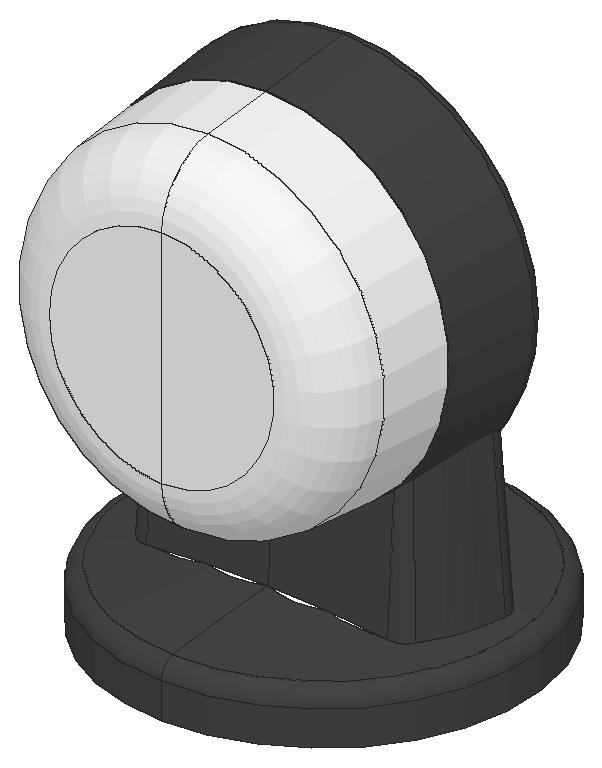
Revit family "AFX-Benton-Outdoor_Sconce", category Lighting Fixtures, host Face, Revit 2021
Family settings
  Host = Face
  Round Connector Dimension = Use Diameter
  Part Type = Normal
  Cut with Voids When Loaded = No
  Light Source = Yes
  Shared = No
  Room Calculation Point = No
Parameters (values of type "BNTW0505LAJENBK")
  Width = 5"
  Wattage Comments = "9"
  Wattage = 9.2903 W
  built-in parameter 1150110 = 1 (stored number, unit not read)
  Voltage = 120 V
  URL = "https://www.afxinc.com/"
  Type Comments = "Benton"  # constant formula
  built-in parameter 1114217 = 1 (stored number, unit not read)
  Tilt Angle = 90.00°
  built-in parameter 1150109 = 1 (stored number, unit not read)
  built-in parameter 1150134 = 3
  built-in parameter 1150113 = 1 (stored number, unit not read)
  Hausing Finish = AFX - Black Steel
  Revit File Built By = "https://servex-us.com/servex-revit/"
  Product Documentation Link = "https://www.afxinc.com/products/productDetail.cfm?productID=2703"
  Power Factor = 1
  Photometric Web File = "SWB100 9W 3000K_IESNA2002.IES"
  Model = "BNTW0505LAJENBK"
  Manufacturer = "AFX Inc"  # constant formula
  built-in parameter 1150105 = 109.82 (stored number, unit not read)
  Lumens = 1380 lm
  built-in parameter 1150115 = 1 (stored number, unit not read)
  built-in parameter 1150137 = (empty or 0)
  built-in parameter 1150139 = (empty or 0)
  built-in parameter 1150112 = 1 (stored number, unit not read)
  built-in parameter 1150114 = 1 (stored number, unit not read)
  Lamp = ""
  Keynote = "12500"  # constant formula
  built-in parameter 1150132 = (empty or 0)
  built-in parameter 1150102 = (empty or 0)
  built-in parameter 1150107 = 3200 (stored number, unit not read)
  built-in parameter 1150138 = (empty or 0)
  built-in parameter 1150106 = 1.0982 (stored number, unit not read)
  Height = 5"
  Emit from Circle Diameter = 3"
  Emit Shape Visible in Rendering = no
  built-in parameter 1150104 = 13.8 (stored number, unit not read)
  Dimming Lamp Color Temperature Shift = <None>
  Diffuser Finish = AFX - White Acrylic
  Description = "Modern LED Linear Ceiling Mount Frameless Design White Polycarbonate Diffuser - 5\"W x 6 1/4\"D x 5\"H"
  Depth = 6 1/4"
  Default Elevation = 48"
  Colour Rendering Index = "80"
  Color Filter = 16777215
  built-in parameter 1114218 = 1 (stored number, unit not read)
  built-in parameter 1150133 = 10 (stored number, unit not read)
  Assembly Code = "D5020200"
  Apparent Load = 0 VA
Reference planes (in)
  plane 1 "Center (Front/Back)": y = 0
  plane 2: z = 0
  plane 3 "Center (Left/Right)": x = 0
  plane 4: x = -2.5
  plane 5: x = 2.5
  plane 6: y = 2.5
  plane 7: y = -2.5
  plane 8: z = 6.25
Forms (in)
  Revolve 1, solid, material "AFX - Black Steel" <- "Hausing Finish"
    sketch origin (0, 0, 0) x (0, -1, 0) y (0, 0, 1)
      loop
        line (0, 0) -> (0, 0.81237)
        arc (0, 0.81237) -> (-1.14141, 0.74066) -> (-2.27984, 0.63127) r 34.60706
        arc (-2.27984, 0.63127) -> (-2.40885, 0.56461) -> (-2.46063, 0.42894) r 0.20362
        line (-2.46063, 0.42894) -> (-2.46063, 0) -> (0, 0)
      axis (0, 0) -> (0, 0.81237)
    angle from 0 to 360
  Revolve 2, solid, material "AFX - Black Steel" <- "Hausing Finish"
    sketch origin (0, 0, 0) x (0, -1, 0) y (0, 0, 1)
      loop
        line (0.86614, 6.14681) -> (-0.30828, 6.24956)
        arc (-0.30828, 6.24956) -> (-0.38047, 6.23208) -> (-0.42737, 6.17449) r 0.11636
        arc (-0.42737, 6.17449) -> (-0.69627, 5.274) -> (-0.83959, 4.34522) r 6.86112
        line (-0.83959, 4.34522) -> (-0.86942, 4.32107) -> (-0.86942, 3.93701) -> (0.86614, 3.93701) -> (0.86614, 6.14681)
      axis (0.86614, 3.93701) -> (-0.86942, 3.93701)
    angle from 0 to 360
  Revolve 3, solid, material "AFX - White Acrylic" <- "Diffuser Finish"
    sketch origin (0, 0, 0) x (0, -1, 0) y (0, 0, 1)
      loop
        line (0.87598, 6.10648) -> (0.90698, 6.10648) -> (0.90698, 6.06785) -> (0.86614, 6.06785) -> (0.86614, 3.93701) -> (2.45079, 3.93701) -> (2.45079, 5.30069)
        arc (2.45079, 5.30069) -> (2.24734, 5.8234) -> (1.74407, 6.07104) r 0.77321
        line (1.74407, 6.07104) -> (0.87598, 6.14596) -> (0.87598, 6.10648)
      axis (0.86614, 3.93701) -> (2.45079, 3.93701)
    angle from 0 to 360
  Blend 4, solid, material "AFX - Black Steel" <- "Hausing Finish"
    base sketch origin (0, 0, 0) x (-1, 0, 0) y (0, -1, 0)
      loop
        arc (-1.46547, 0.86208) -> (-1.59546, 0.82951) -> (-1.69473, 0.73948) r 0.27566
        arc (-1.69473, 0.73948) -> (-1.92577, 0.27405) -> (-2.03158, -0.23467) r 2.03765
        arc (-2.03158, -0.23467) -> (-1.99019, -0.39285) -> (-1.85988, -0.49162) r 0.25
        arc (-1.85988, -0.49162) -> (0, -0.78741) -> (1.85988, -0.49162) r 5.99533
        arc (1.85988, -0.49162) -> (1.99019, -0.39285) -> (2.03158, -0.23467) r 0.25
        arc (2.03158, -0.23467) -> (1.92577, 0.27405) -> (1.69473, 0.73948) r 2.03765
        arc (1.69473, 0.73948) -> (1.59546, 0.82951) -> (1.46547, 0.86208) r 0.27566
        line (1.46547, 0.86208) -> (0, 0.86208) -> (-1.46547, 0.86208)
    top sketch origin (0, 0, 0) x (-1, 0, 0) y (0, -1, 0)
      loop
        line (0, 0.73509) -> (-1.45964, 0.73509)
        arc (-1.45964, 0.73509) -> (-1.54604, 0.71314) -> (-1.6115, 0.65262) r 0.18106
        arc (-1.6115, 0.65262) -> (-1.80655, 0.26055) -> (-1.90776, -0.16551) r 1.92143
        arc (-1.90776, -0.16551) -> (-1.87174, -0.30237) -> (-1.75189, -0.37763) r 0.19253
        arc (-1.75189, -0.37763) -> (0, -0.53958) -> (1.75189, -0.37763) r 9.55659
        arc (1.75189, -0.37763) -> (1.87174, -0.30237) -> (1.90776, -0.16551) r 0.19253
        arc (1.90776, -0.16551) -> (1.80655, 0.26055) -> (1.6115, 0.65262) r 1.92143
        arc (1.6115, 0.65262) -> (1.54604, 0.71314) -> (1.45964, 0.73509) r 0.18106
        line (1.45964, 0.73509) -> (0, 0.73509)
    from 0.57868 to 2.83352
  Revolve 5, solid, material "AFX - Black Steel" <- "Hausing Finish"
    sketch origin (0, 0, 0) x (0, -1, 0) y (0, 0, 1)
      loop
        line (-0.94816, 4.17222) -> (-0.94816, 4.11417) -> (-0.98993, 4.11417)
        arc (-0.98993, 4.11417) -> (-1.01625, 4.10327) -> (-1.02715, 4.07696) r 0.03722
        line (-1.02715, 4.07696) -> (-1.02715, 3.93701) -> (-0.94816, 3.93701) -> (-0.86942, 3.93701) -> (-0.86942, 4.17222) -> (-0.94816, 4.17222)
      axis (-0.86942, 3.93701) -> (-1.02715, 3.93701)
    angle from 0 to 360
Cuts and joins
  joined: Revolve 1, Revolve 2, Blend 4, Revolve 5
Lines and regions (in)
  symbolic lines
    curve 1: line (1.85552, 0, 0.67012) -> (0, 0, 0.76839)
    curve 2: line (0, 0, 0.76839) -> (-1.8555, 0, 0.67012)
    curve 3: spline (-1.63311, 0, 2.40837) -> (-1.50036, 0, 2.38005) -> (-1.36665, 0, 2.3543) -> (-1.23207, 0, 2.33111) -> (-1.09672, 0, 2.31051) -> (-0.96067, 0, 2.29252) -> (-0.82401, 0, 2.27713) -> (-0.68684, 0, 2.26437) -> (-0.54924, 0, 2.25425) -> (-0.4113, 0, 2.24676) -> (-0.27311, 0, 2.24191) -> (-0.13476, 0, 2.23971) -> (0.00367, 0, 2.24016)
    curve 4: spline (0.00367, 0, 2.24016) -> (0.14141, 0, 2.24028) -> (0.27909, 0, 2.24294) -> (0.4166, 0, 2.24815) -> (0.55385, 0, 2.25588) -> (0.69077, 0, 2.26615) -> (0.82726, 0, 2.27894) -> (0.96323, 0, 2.29424) -> (1.0986, 0, 2.31205) -> (1.23329, 0, 2.33236) -> (1.36719, 0, 2.35514) -> (1.50024, 0, 2.38039) -> (1.63234, 0, 2.4081)
    curve 5: spline (1.76895, 0, 2.49156) -> (1.78145, 0, 2.49927) -> (1.79356, 0, 2.50729) -> (1.80523, 0, 2.51559) -> (1.81644, 0, 2.52415) -> (1.82717, 0, 2.53295) -> (1.83739, 0, 2.54197) -> (1.84707, 0, 2.55119) -> (1.85619, 0, 2.56058) -> (1.86474, 0, 2.57013) -> (1.87268, 0, 2.57981) -> (1.88, 0, 2.5896) -> (1.88669, 0, 2.59947)
    curve 6: spline (-1.76801, 0, 2.49069) -> (-1.75819, 0, 2.48186) -> (-1.74808, 0, 2.47337) -> (-1.73768, 0, 2.46521) -> (-1.727, 0, 2.4574) -> (-1.71606, 0, 2.44995) -> (-1.70487, 0, 2.44286) -> (-1.69344, 0, 2.43615) -> (-1.68177, 0, 2.42981) -> (-1.6699, 0, 2.42385) -> (-1.65782, 0, 2.41829) -> (-1.64555, 0, 2.41313) -> (-1.63311, 0, 2.40837)
    curve 7: spline (-1.88638, 0, 2.5994) -> (-1.87852, 0, 2.59146) -> (-1.87023, 0, 2.58324) -> (-1.86152, 0, 2.57476) -> (-1.85241, 0, 2.56606) -> (-1.84293, 0, 2.55715) -> (-1.83309, 0, 2.54804) -> (-1.82292, 0, 2.53877) -> (-1.81245, 0, 2.52935) -> (-1.80169, 0, 2.51982) -> (-1.79069, 0, 2.51018) -> (-1.77945, 0, 2.50046) -> (-1.76801, 0, 2.49069)
    curve 8: arc (0, 0, 3.52879) -> (0.40821, 0, 3.93701) -> (0, 0, 4.34522) r 0.40821
    curve 9: arc (0, 0, 3.55295) -> (0.38406, 0, 3.93701) -> (0, 0, 4.32107) r 0.38406
    curve 10: arc (0, 0, 4.34522) -> (-0.40821, 0, 3.93701) -> (0, 0, 3.52879) r 0.40821
    curve 11: arc (0, 0, 4.32107) -> (-0.38406, 0, 3.93701) -> (0, 0, 3.55295) r 0.38406
    curve 12: arc (0, 0, 3.7018) -> (-0.23521, 0, 3.93701) -> (0, 0, 4.17222) r 0.23521
    curve 13: arc (0, 0, 3.75984) -> (-0.17717, 0, 3.93701) -> (0, 0, 4.11417) r 0.17717
    curve 14: arc (0, 0, 4.17222) -> (0.23521, 0, 3.93701) -> (0, 0, 3.7018) r 0.23521
    curve 15: arc (0, 0, 4.11417) -> (0.17717, 0, 3.93701) -> (0, 0, 3.75984) r 0.17717
    curve 16: spline (1.63234, 0, 2.4081) -> (1.64482, 0, 2.41282) -> (1.65715, 0, 2.41797) -> (1.6693, 0, 2.42355) -> (1.68128, 0, 2.42954) -> (1.69306, 0, 2.43594) -> (1.70463, 0, 2.44275) -> (1.71598, 0, 2.44994) -> (1.72709, 0, 2.45753) -> (1.73796, 0, 2.46549) -> (1.74856, 0, 2.47382) -> (1.7589, 0, 2.48252) -> (1.76895, 0, 2.49156)
    curve 17: line (1.91941, 0, 2.64683) -> (2.02807, 0, 0.65855)
    curve 18: spline (2.02729, 0, 0.65742) -> (2.02791, 0, 0.65696) -> (2.02544, 0, 0.65681) -> (2.01991, 0, 0.65695) -> (2.01138, 0, 0.65738) -> (1.99997, 0, 0.65811) -> (1.98583, 0, 0.65911) -> (1.96912, 0, 0.66039) -> (1.95006, 0, 0.66192) -> (1.92889, 0, 0.66368) -> (1.90588, 0, 0.66565) -> (1.88132, 0, 0.6678) -> (1.85552, 0, 0.67012)
    curve 19: line (2.46158, 0, 0) -> (2.46158, 0, 0.43016)
    curve 20: arc (2.28309, 0, 0.63046) -> (2.15562, 0, 0.64484) -> (2.02807, 0, 0.65855) r 24.2031
    curve 21: arc (2.46158, 0, 0.43016) -> (2.41048, 0, 0.56431) -> (2.28309, 0, 0.63046) r 0.20163
    curve 22: line (-2.46158, 0, 0) -> (-2.46158, 0, 0.43016)
    curve 23: arc (-2.28309, 0, 0.63046) -> (-2.14559, 0, 0.64594) -> (-2.008, 0, 0.66064) r 24.2031
    curve 24: arc (-2.46158, 0, 0.43016) -> (-2.41048, 0, 0.56431) -> (-2.28309, 0, 0.63046) r 0.20163
    curve 25: spline (-2.008, 0, 0.66064) -> (-2.00027, 0, 0.66155) -> (-1.99154, 0, 0.66246) -> (-1.9818, 0, 0.66337) -> (-1.97107, 0, 0.66428) -> (-1.95934, 0, 0.66519) -> (-1.94663, 0, 0.66609) -> (-1.93294, 0, 0.667) -> (-1.91828, 0, 0.6679) -> (-1.90266, 0, 0.66879) -> (-1.88607, 0, 0.66968) -> (-1.86854, 0, 0.67057) -> (-1.85007, 0, 0.67146)
    curve 26: line (-1.91941, 0, 2.64683) -> (-2.02807, 0, 0.65855)
    curve 27: arc (1.91941, 0, 2.64683) -> (2.05731, 0, 5.03311) -> (0, 0, 6.25) r 2.29705
    curve 28: arc (-1.91941, 0, 2.64683) -> (-2.05731, 0, 5.03311) -> (0, 0, 6.25) r 2.29705
Dimensions and locks (in)
  equal spacing: plane 4, plane 3 "Center (Left/Right)", plane 5
  "Width": plane 4 to plane 5
  "Depth": plane 2 to plane 8
  "Height": plane 7 to plane 6
  equal spacing: plane 7, plane 1 "Center (Front/Back)", plane 6
  aligned and locked: plane 2 to host face
  aligned and locked: level to host face
  aligned and locked: imposter light to plane 7
Automatic sketch dimensions
  host sketch curve to host sketch curve = 96"  (x2)
  Revolve 1 sketch curve to level = 0"
  Revolve 1 sketch curve to plane 1 "Center (Front/Back)" = 0"  (x2)
  Revolve 1 sketch curve to plane 6 = 0.24299"
  Revolve 1 sketch curve to plane 6 = 0.03937"
  Revolve 1 sketch curve to plane 7 = 0.90096"
  Revolve 1 sketch curve to level = 33.75773"
  level to Revolve 1 sketch curve = 0.42894"
  level to Revolve 1 sketch curve = 0.81237"
  Revolve 1 sketch curve to Revolve 1 sketch curve = 1/2"
  Revolve 1 sketch curve to Revolve 1 sketch curve = 0.38891"
  Revolve 2 sketch curve to plane 1 "Center (Front/Back)" = 0.86942"
  Revolve 2 sketch curve to Revolve 2 sketch curve = 0.02982"
  plane 8 to Revolve 2 sketch curve = 0.11636"
  Revolve 2 sketch curve to plane 1 "Center (Front/Back)" = 0.31842"
  plane 8 to Revolve 2 sketch curve = 0.00044"
  Revolve 2 sketch curve to Revolve 2 sketch curve = 0.01014"
  plane 1 "Center (Front/Back)" to Revolve 2 sketch curve = 0.86614"
  plane 7 to Revolve 2 sketch curve = 3.49701"
  Revolve 2 sketch curve to Revolve 2 sketch curve = 1.78841"
  Revolve 2 sketch curve to Revolve 2 sketch curve = 0.02415"
  Revolve 2 sketch curve to Revolve 2 sketch curve = 0.40821"
  plane 8 to Revolve 2 sketch curve = 2.48431"
  plane 8 to Revolve 2 sketch curve = 0.10319"
  Revolve 2 sketch curve to plane 6 = 0.67023"
  plane 7 to Revolve 2 sketch curve = 0.49152"
  Revolve 2 sketch curve to Revolve 2 sketch curve = 0"
  plane 8 to Revolve 3 sketch curve = 0.18215"
  plane 1 "Center (Front/Back)" to Revolve 3 sketch curve = 0.86614"
  plane 8 to Revolve 3 sketch curve = 0.10404"
  Revolve 3 sketch curve to Revolve 3 sketch curve = 0.00984"
  Revolve 3 sketch curve to Revolve 3 sketch curve = 0.03099"
  Revolve 3 sketch curve to plane 7 = 0.82242"
  plane 8 to Revolve 3 sketch curve = 0.17896"
  Revolve 3 sketch curve to plane 7 = 0.75593"
  Revolve 3 sketch curve to plane 7 = 0.04921"
  Revolve 3 sketch curve to Revolve 3 sketch curve = 1.36368"
  Revolve 3 sketch curve to Revolve 3 sketch curve = 0.03863"
  Revolve 3 sketch curve to plane 1 "Center (Front/Back)" = 0.35761"
  plane 7 to Revolve 3 sketch curve = 0.68137"
  Revolve 3 sketch curve to Revolve 3 sketch curve = 0"
  Blend 4 sketch curve to plane 3 "Center (Left/Right)" = 0"  (x5)
  plane 3 "Center (Left/Right)" to Blend 4 sketch curve = 0"
  Blend 4 sketch curve to plane 5 = 1.03453"
  Blend 4 sketch curve to plane 1 "Center (Front/Back)" = 0.25396"  (x2)
  Blend 4 sketch curve to plane 5 = 0.71767"
  Blend 4 sketch curve to plane 4 = 1.03453"
  Blend 4 sketch curve to plane 4 = 0.71767"
  Blend 4 sketch curve to plane 1 "Center (Front/Back)" = 0.39185"
  Blend 4 sketch curve to Blend 4 sketch curve = 0"  (x10)
  plane 1 "Center (Front/Back)" to Blend 4 sketch curve = 0.58643"  (x2)
  plane 1 "Center (Front/Back)" to Blend 4 sketch curve = 0.86208"
  plane 7 to Blend 4 sketch curve = 2.70793"
  Blend 4 sketch curve to Blend 4 sketch curve = 0.07756"
  plane 3 "Center (Left/Right)" to Blend 4 sketch curve = 0.00007"
  plane 1 "Center (Front/Back)" to Blend 4 sketch curve = 0.55403"  (x2)
  Blend 4 sketch curve to plane 5 = 1.04036"
  Blend 4 sketch curve to plane 1 "Center (Front/Back)" = 0.18837"  (x2)
  Blend 4 sketch curve to plane 5 = 0.78341"
  Blend 4 sketch curve to plane 3 "Center (Left/Right)" = 0.00007"
  Blend 4 sketch curve to plane 4 = 1.04036"
  Blend 4 sketch curve to plane 4 = 0.78341"
  Blend 4 sketch curve to plane 1 "Center (Front/Back)" = 0.39366"
  Blend 4 sketch curve to Blend 4 sketch curve = 0.18106"
  plane 7 to Blend 4 sketch curve = 6.51701"
  Blend 4 sketch curve to Blend 4 sketch curve = 0.03529"
  Revolve 5 sketch curve to plane 1 "Center (Front/Back)" = 1.02715"
  Revolve 5 sketch curve to Revolve 5 sketch curve = 0.03722"
  Revolve 5 sketch curve to Revolve 5 sketch curve = 0.07899"
  Revolve 5 sketch curve to Revolve 5 sketch curve = 0.04178"
  Revolve 5 sketch curve to Revolve 5 sketch curve = 0.07874"
  plane 8 to Revolve 5 sketch curve = 2.31299"
  Revolve 5 sketch curve to Revolve 5 sketch curve = 0.13995"
  Revolve 5 sketch curve to Revolve 5 sketch curve = 0.05805"
  Revolve 5 sketch curve to Revolve 5 sketch curve = 0.1545"
  Revolve 5 sketch curve to plane 1 "Center (Front/Back)" = 0.35761"
  Revolve 5 sketch curve to Revolve 5 sketch curve = 0"
  curve 8 to curve 9 = 0"  (x2)
  curve 8 to curve 10 = 0"  (x2)
  curve 8 to curve 11 = 0"  (x2)
  curve 8 to curve 12 = 0"  (x2)
  curve 8 to curve 13 = 0"  (x2)
  curve 8 to curve 14 = 0"  (x2)
  curve 8 to curve 15 = 0"  (x2)
  curve 9 to curve 10 = 0"  (x2)
  curve 9 to curve 11 = 0"  (x2)
  curve 9 to curve 12 = 0"  (x2)
  curve 9 to curve 13 = 0"  (x2)
  curve 9 to curve 14 = 0"  (x2)
  curve 9 to curve 15 = 0"  (x2)
  curve 10 to curve 11 = 0"  (x2)
  curve 10 to curve 12 = 0"  (x2)
  curve 10 to curve 13 = 0"  (x2)
  curve 10 to curve 14 = 0"  (x2)
  curve 10 to curve 15 = 0"  (x2)
  curve 11 to curve 12 = 0"  (x2)
  curve 11 to curve 13 = 0"  (x2)
  curve 11 to curve 14 = 0"  (x2)
  curve 11 to curve 15 = 0"  (x2)
  curve 12 to curve 13 = 0"  (x2)
  curve 12 to curve 14 = 0"  (x2)
  curve 12 to curve 15 = 0"  (x2)
  curve 13 to curve 14 = 0"  (x2)
  curve 13 to curve 15 = 0"  (x2)
  curve 14 to curve 15 = 0"  (x2)
  curve 22 to level = 0"
  curve 9 to plane 3 "Center (Left/Right)" = 0"
  curve 28 to plane 3 "Center (Left/Right)" = 0"
  curve 2 to plane 3 "Center (Left/Right)" = 0"
  curve 19 to level = 0"
  curve 28 to plane 8 = 0"
  curve 28 to plane 3 "Center (Left/Right)" = 0.02996"
  curve 20 to plane 3 "Center (Left/Right)" = 0.49431"
  curve 26 to plane 4 = 0.58059"
  curve 24 to plane 4 = 0.24005"
  curve 22 to plane 4 = 0.03842"
  plane 3 "Center (Left/Right)" to curve 27 = 0.02996"
  plane 3 "Center (Left/Right)" to curve 23 = 0.49431"
  curve 1 to plane 5 = 0.64448"
  curve 17 to plane 5 = 0.58059"
  curve 1 to curve 17 = 0.17256"
  curve 21 to plane 5 = 0.24005"
  curve 19 to plane 5 = 0.03842"
  curve 23 to level = 23.41275"
  curve 20 to curve 23 = 0"
  level to curve 21 = 0.43016"
  curve 22 to curve 22 = 0.43016"
  curve 21 to curve 17 = 0.02809"
  curve 17 to curve 1 = 0.01157"
  level to curve 2 = 0.76839"
  curve 1 to curve 17 = 1.97672"
  curve 24 to curve 26 = 2.01638"
  curve 14 to curve 27 = 0.01614"
  curve 25 to plane 3 "Center (Left/Right)" = 0.00016"
  curve 3 to plane 3 "Center (Left/Right)" = 0.02433"
  curve 26 to curve 6 = 0.43578"
  curve 28 to curve 6 = 0.2863"
  curve 7 to curve 3 = 0.06175"
  curve 6 to curve 7 = 0.07315"
  curve 24 to curve 25 = 0.43302"
  curve 28 to curve 6 = 0.06646"
  curve 2 to curve 25 = 0.00543"
  curve 7 to curve 6 = 0.03343"
  curve 7 to curve 26 = 0.0215"
  curve 25 to curve 2 = 0.1525"
  curve 26 to curve 23 = 0.02007"
  curve 25 to curve 26 = 0.00561"
  curve 23 to curve 24 = 0"
  plane 8 to curve 3 = 0.0281"
  plane 4 to curve 3 = 2.96712"
  plane 3 "Center (Left/Right)" to curve 3 = 0.00367"
  plane 3 "Center (Left/Right)" to curve 4 = 0.02359"
  curve 16 to curve 17 = 0.48035"
  curve 16 to curve 16 = 0.06763"
  curve 16 to curve 5 = 0.10571"
  curve 16 to curve 4 = 0.19327"
  curve 16 to curve 5 = 0.13661"
  curve 18 to curve 1 = 0.07251"
  curve 5 to curve 17 = 0.03271"
  curve 5 to curve 27 = 0.00938"
  curve 18 to curve 17 = 0.00079"
  curve 18 to curve 18 = 0.00076"
  plane 8 to curve 4 = 0.11341"
  plane 5 to curve 4 = 2.96386"
  curve 25 to curve 26 = 0.00433"
  curve 18 to curve 20 = 0.00148"
  curve 2 to curve 25 = 0.00134"
  curve 1 to curve 3 = 1.47177"
  curve 16 to curve 4 = 0.01753"
  curve 3 to curve 7 = 0.0694"
  curve 7 to curve 7 = 0.01292"
  curve 5 to curve 17 = 0.04736"
  curve 10 to curve 8 = 0.40821"
  curve 10 to curve 9 = 0.02415"
  curve 11 to curve 14 = 0.14885"
  curve 12 to curve 13 = 0.05805"
Connectors (in)
  electrical at (0, 0, 0), driven by "Voltage", driven by "Apparent Load", driven by "Power Factor"
    settings: on cut or joined group of Revolve 1, Revolve 2, Blend 4, Revolve 5, index 1, voltage 120 V, apparent load 0 VA, apparent load phase1 0 VA, apparent load phase2 0 VA, apparent load phase3 0 VA, power factor 1, load classification "Lighting", number of poles 1, system type 31, power factor state 1, is connector primary yes, connector utility no, sub classification motor no, connector description ""
